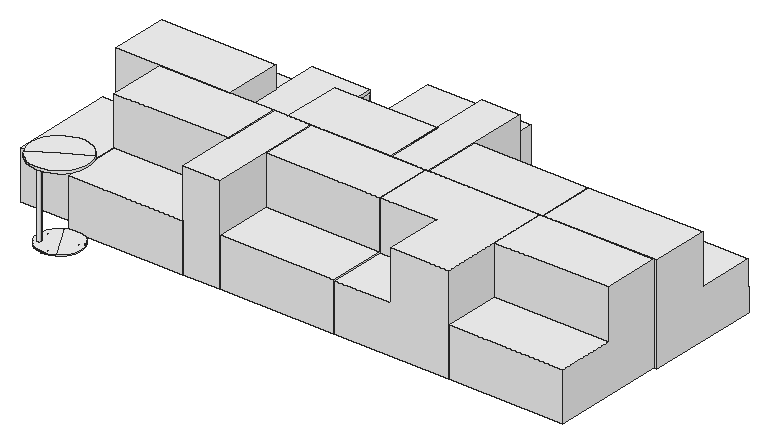
Revit family "COL-102", category Furniture, Revit 2017
Family settings
  OmniClass Number = 23.40.20.00
  OmniClass Title = General Furniture and Specialties
  Work Plane-Based = No
  Always vertical = Yes
  Cut with Voids When Loaded = No
  Shared = No
  Room Calculation Point = No
Reference planes (in)
  plane 1 "Center Front/Back": y = 0
  plane 2: z = 0
  plane 3 "Center Left/Right": x = 0
Dimensions and locks (in)
  aligned and locked: level to plane 2
Nested families (in)
  nested 1: "Allsteel - Rise - Laptop Table" at (-69.97003, -47.53024, 0) x (-0.5, 0.866, 0) z (0, 0, 1), type "Allsteel - Rise - Laptop Table"
    with Top Material Default Opaque Material, Base Material Default Opaque Material
  nested 2: "Allsteel - Rise - Seating - 2-Tier Rise" at (-48.4375, 0, 0) x (-1, 0, 0) z (0, 0, 1), type "Non Powered"
    with Upholstery Material Default Opaque Material
  nested 3: "Allsteel - Rise - Seating - 2-Tier Rise" at (101, 0, 0) x (-1, 0, 0) z (0, 0, 1), type "Non Powered"
    with Upholstery Material Default Opaque Material
  nested 4: "Allsteel - Rise - Seating - 2-Tier Rise" at (60, 0.00002, 0) x (1, 0, 0) z (0, 0, 1), type "Non Powered"
    with Upholstery Material Default Opaque Material
  nested 5: "Allsteel - Rise - Seating - 2-Tier Rise" at (-73, 0, 0) x (1, 0, 0) z (0, 0, 1), type "Non Powered"
    with Upholstery Material Default Opaque Material
  nested 6: "Allsteel - Rise - Seating - 2-Tier Rise" at (-20, 0, 0) x (1, 0, 0) z (0, 0, 1), type "Non Powered"
    with Upholstery Material Default Opaque Material
  nested 7: "Allsteel - Rise - Seating - 2-Tier Rise Corner" at (20, 0.00001, 0) x (1, 0, 0) z (0, 0, 1), type "Inside Corner"
    with Upholstery Material Default Opaque Material
  nested 8: "Allsteel - Rise - Seating - Chaise" at (8, 0, 0) x (-1, 0, 0) z (0, 0, 1), type "Non Powered"
    with Upholstery Material Default Opaque Material
  nested 9: "Allsteel - Rise - Seating - Half Ottoman" at (-92.99999, -36.00001, 0) x (0, 1, 0) z (0, 0, 1), type "Single Tone"
    with Upholstery Material Default Opaque Material
  nested 10: "Allsteel - Rise - Seating - Soft Wall" at (-33, 0.00001, 0) x (1, 0, 0) z (0, 0, 1), type "Single Tone"
    with Upholstery Material Default Opaque Material
  nested 11: "Allsteel - Rise - Arm Perch - Wood Top" at (-48.4375, 0, 0) x (0, 1, 0) z (0, 0, 1), type "Allsteel - Rise - Arm Perch - Wood Top"
    with Upholstery Material Default Opaque Material, Top Material Default Opaque Material
  nested 12: "Allsteel - Rise - Seating - Soft Wall" at (8, 39.875, 0), type "Single Tone"
    with Upholstery Material Default Opaque Material
  nested 13: "Allsteel - Rise - Seating - 2-Tier Rise" at (61, 0, 0) x (-1, 0, 0) z (0, 0, 1), type "Non Powered"
    with Upholstery Material Default Opaque Material
  nested 14: "Allsteel - Rise - Seating - Lumbar Pillow" at (24, 20.375, -0.125), type "Lumbar Pillow"
    with Upholstery Material Default Opaque Material
  nested 15: "Allsteel - Rise - Seating - Lumbar Pillow" at (8, 20.375, -0.125) x (-1, 0, 0) z (0, 0, 1), type "Lumbar Pillow"
    with Upholstery Material Default Opaque Material
Definition of nested family "Allsteel - Rise - Laptop Table"
  Parameters (values of type "Allsteel - Rise - Laptop Table")
    URL = "www.allsteeloffice.com"
    Base Material [instance] = none
    Model = "S911RLTB"
    Manufacturer = "Allsteel"  # constant formula
    Top Material [instance] = none
    Glide Material = none
    Description = "Allsteel - Rise - Laptop Table"
  Reference planes (in)
    plane 1 "Center (Front/Back)": y = 0
    plane 2: z = 0
    plane 3 "Center (Left/Right)": x = 0
  Forms (in)
    Revolve 1, solid, material <- "Base Material"
      sketch origin (0, 0, 0) x (1, 0, 0) y (0, 0, 1)
        loop
          line (0, 0.6175) -> (-7.5, 0.6175) -> (-7.5, 0.3675) -> (0, 0.3675) -> (0, 0.6175)
        axis (0, 0.6175) -> (0, 0.3675)
      angle from 0 to 360
    Revolve 2, solid, material <- "Top Material"
      sketch origin (0, 0, 0) x (0, 1, 0) y (0, 0, 1)
        loop
          line (0, 28.3695) -> (-10, 28.3695) -> (-10, 27.6175) -> (0, 27.6175) -> (0, 28.3695)
        axis (0, 28.3695) -> (0, 27.6175)
      angle from 0 to 360
    Revolve 3, solid, material <- "Base Material"
      sketch origin (0, 0, 0) x (0, 1, 0) y (0, 0, 1)
        loop
          line (5.6875, 0.6175) -> (5.6875, 27.6175) -> (3.42051, 27.6175) -> (3.42051, 27.3675) -> (5.03439, 27.3675) -> (5.03439, 0.6175) -> (5.6875, 0.6175)
        axis (5.6875, 27.6175) -> (5.6875, 0.6175)
      angle from 0 to 360
    Revolve 4, solid, material <- "Glide Material"
      sketch origin (0, 3.5, 0) x (1, 0, 0) y (0, 0, 1)
        loop
          line (5, 0.3675) -> (4, 0.3675) -> (4, 0.0737)
          arc (4, 0.0737) -> (4.02159, 0.02159) -> (4.0737, 0) r 0.0737
          line (4.0737, 0) -> (5, 0) -> (5, 0.3675)
        axis (5, 0.3675) -> (5, 0)
      angle from 0 to 360
    Revolve 5, solid, material <- "Glide Material"
      sketch origin (-10, 3.5, 0) x (1, 0, 0) y (0, 0, 1)
        loop
          line (5, 0.3675) -> (4, 0.3675) -> (4, 0.0737)
          arc (4, 0.0737) -> (4.02159, 0.02159) -> (4.0737, 0) r 0.0737
          line (4.0737, 0) -> (5, 0) -> (5, 0.3675)
        axis (5, 0.3675) -> (5, 0)
      angle from 0 to 360
    Revolve 6, solid, material <- "Glide Material"
      sketch origin (-5, -6, 0) x (1, 0, 0) y (0, 0, 1)
        loop
          line (5, 0.3675) -> (4, 0.3675) -> (4, 0.0737)
          arc (4, 0.0737) -> (4.02159, 0.02159) -> (4.0737, 0) r 0.0737
          line (4.0737, 0) -> (5, 0) -> (5, 0.3675)
        axis (5, 0.3675) -> (5, 0)
      angle from 0 to 360
Definition of nested family "Allsteel - Rise - Seating - 2-Tier Rise"
  Parameters (values of type "Non Powered")
    URL = "www.allsteeloffice.com"
    Upholstery Material [instance] = none
    Power Port = no
    Model = "S922S2"
    Manufacturer = "Allsteel"  # constant formula
    Electrical Panel Material = none
    Description = "Allsteel - Rise - 2-Tier Rise - Non Powered"
  Types (3): name | Power Port | Model | Description
    (no name) | no | "S922S2" | "Allsteel - Rise - 2-Tier Rise - Non Powered"
    Non Powered | no | "S922S2" | "Allsteel - Rise - 2-Tier Rise - Non Powered"
    Power Ready | yes | "S922S2P" | "Allsteel - Rise - 2-Tier Rise - Power Ready"
  Reference planes (in)
    plane 1 "Center (Front/Back)": y = 0
    plane 2: z = 0
    plane 3 "Center (Left/Right)": x = 0
  Forms (in)
    Extrusion 1, solid, material <- "Electrical Panel Material", visible <- "Power Port"
      sketch origin (0, 0, 0) x (1, 0, 0) y (0, 0, 1)
        loop
          line (37.25, 1.375) -> (37.25, 4.625) -> (30.875, 4.625) -> (30.875, 1.375) -> (37.25, 1.375)
      from 39.93332 to 40.05817
    Extrusion 2, solid, material <- "Electrical Panel Material", visible <- "Power Port"
      sketch origin (46.1786, -40.05817, -13.65429) x (0, 0, 1) y (-1, 0, 0)
        loop
          line (17.48828, 10.75) -> (15.92578, 10.75) -> (15.92578, 9.25) -> (17.48828, 9.25) -> (17.48828, 10.75)
        loop
          line (17.1411, 10.321) -> (16.76619, 10.321) -> (16.76619, 10.209) -> (17.1411, 10.209) -> (17.1411, 10.321)
        loop
          line (17.06301, 9.819) -> (16.7651, 9.819) -> (16.7651, 9.707) -> (17.06301, 9.707) -> (17.06301, 9.819)
        loop
          line (16.30582, 10.103) -> (16.30582, 9.897) -> (16.39533, 9.897) -> (16.49862, 10.00029) -> (16.39591, 10.103) -> (16.30582, 10.103)
        loop
          line (17.48828, 12.875) -> (15.92578, 12.875) -> (15.92578, 11.375) -> (17.48828, 11.375) -> (17.48828, 12.875)
        loop
          line (17.1411, 12.446) -> (16.76619, 12.446) -> (16.76619, 12.334) -> (17.1411, 12.334) -> (17.1411, 12.446)
        loop
          line (17.06301, 11.944) -> (16.7651, 11.944) -> (16.7651, 11.832) -> (17.06301, 11.832) -> (17.06301, 11.944)
        loop
          line (16.30582, 12.228) -> (16.30582, 12.022) -> (16.39533, 12.022) -> (16.49862, 12.12529) -> (16.39591, 12.228) -> (16.30582, 12.228)
        loop
          line (17.48828, 14.95929) -> (15.92578, 14.95929) -> (15.92578, 13.58429) -> (17.48828, 13.58429) -> (17.48828, 14.95929)
        loop
          line (17.25262, 14.75058) -> (16.15262, 14.75058) -> (16.15262, 13.77558) -> (17.25262, 13.77558) -> (17.25262, 14.75058)
      from 0 to 0.06701
  Nested families (in)
    nested 1: "Two Step - Single-Tone" at (0, 0, 0), Rise Upholstery <- "Upholstery Material", type "Two Step - Single-Tone"
      with Two-Tone Upholstery none, Rise Upholstery none
  Definition of nested family "Two Step - Single-Tone"
    Parameters
      Two-Tone Upholstery [instance] = none
      Rise Upholstery [instance] = none
      Height = 0' - 0"
      Assembly Code = ""
    Reference planes (in)
      plane 1 "Center (Front/Back)": y = 0
      plane 2: z = 0
      plane 3 "Center (Left/Right)": x = 0
      plane 4: x = 20
      plane 5 "stp 2": y = -20
      plane 6 "stp 1": y = -40
      plane 7: z = 33.84279
      plane 8: z = 16.85355
    Forms (in)
      Extrusion 1, solid, material <- "Rise Upholstery"
        sketch origin (0, -40, 0) x (0, 1, 0) y (0, 0, 1)
          loop
            line (40, 0) -> (40, 33.98923) -> (20, 33.98923) -> (20, 17) -> (0, 17) -> (0, 0) -> (40, 0)
        from 0 to 40
    Dimensions and locks (in)
      aligned and locked: plane 6 "stp 1" to Extrusion 1
      aligned and locked: plane 5 "stp 2" to Extrusion 1
Definition of nested family "Allsteel - Rise - Seating - 2-Tier Rise Corner"
  Parameters (values of type "Inside Corner")
    URL = "www.allsteeloffice.com"
    Upholstery Material [instance] = none
    Rise Configuration = Inside Corner - Single-Tone : Inside Corner - Single-Tone
    Model = "S922S2IC"
    Manufacturer = "Allsteel"  # constant formula
    Description = "Allsteel - Rise - 2-Tier Rise - Inside Corner"
  Types (3): name | Rise Configuration | Model | Description
    (no name) | Inside Corner - Single-Tone : Inside Corner - Single-Tone | "S922S2IC" | "Allsteel - Rise - 2-Tier Rise - Inside Corner"
    Inside Corner | Inside Corner - Single-Tone : Inside Corner - Single-Tone | "S922S2IC" | "Allsteel - Rise - 2-Tier Rise - Inside Corner"
    Outside Corner | Outside Corner - Single-Tone : Outside Corner - Single-Tone | "S922S2OC" | "Allsteel - Rise - 2-Tier Rise - Outside Corner"
  Reference planes (in)
    plane 1 "Center (Front/Back)": y = 0
    plane 2: z = 0
    plane 3 "Center (Left/Right)": x = 0
  Nested families (in)
    nested 1: "Inside Corner - Single-Tone" at (0, 0, 0), type <- "Rise Configuration", Rise Upholstery <- "Upholstery Material", type "Inside Corner - Single-Tone"
      with Two-Tone Upholstery none, Rise Upholstery none
  Definition of nested family "Inside Corner - Single-Tone"
    Parameters
      Two-Tone Upholstery [instance] = none
      Rise Upholstery [instance] = none
      Rise Configuration = Two Step - Two-Tone : Two Step - Two-Tone
      Height = 0' - 0"
      Assembly Code = ""
    Reference planes (in)
      plane 1 "Center (Front/Back)": y = 0
      plane 2: z = 0
      plane 3 "Center (Left/Right)": x = 0
      plane 4: x = 20
      plane 5 "stp 2": y = 0.64229
      plane 6 "stp 1": y = -20
      plane 7: z = 33.48923
      plane 8: z = 16.5
    Forms (in)
      Extrusion 1, solid, material <- "Rise Upholstery"
        sketch origin (0, -40, 0) x (0, 1, 0) y (0, 0, 1)
          loop
            line (40, 0) -> (40, 33.98937) -> (0, 33.98937) -> (0, 0) -> (40, 0)
        from 0 to 40
      Extrusion 2, void
        sketch origin (0, 0, 0) x (0, 1, 0) y (0, 0, 1)
          loop
            line (-20, 33.98937) -> (-40, 33.98937) -> (-40, 16.74469) -> (-20, 16.74469) -> (-20, 33.98937)
        from 0 to 20
    Cuts and joins
      Extrusion 2 cuts Extrusion 1
    Lines and regions (in)
      reference lines
        curve 1: line (36, -40, 0) -> (40, -40, 0)
        curve 2: line (40, -40, 0) -> (40, -46, 0)
Definition of nested family "Allsteel - Rise - Seating - Chaise"
  Parameters (values of type "Non Powered")
    URL = "www.allsteeloffice.com"
    Upholstery Material [instance] = none
    Power Port = no
    Model = "S922S2LN"
    Manufacturer = "Allsteel"  # constant formula
    Electrical Panel = none
    Description = "Allsteel - Rise - Single Tone Chaise - Non Powered"
  Types (3): name | Power Port | Model | Description
    (no name) | no | "S922S2LN" | "Allsteel - Rise - Single Tone Chaise - Non Powered"
    Non Powered | no | "S922S2LN" | "Allsteel - Rise - Single Tone Chaise - Non Powered"
    Powered | yes | "S922S2LP" | "Allsteel - Rise - Single Tone Chaise - Powered"
  Reference planes (in)
    plane 1 "Center (Front/Back)": y = 0
    plane 2: z = 0
    plane 3 "Center (Left/Right)": x = 0
  Forms (in)
    Extrusion 1, solid, material <- "Electrical Panel", visible <- "Power Port"
      sketch origin (-4.57153, -20.9794, 0.28572) x (1, 0, 0) y (0, 0, 1)
        loop
          line (37.25, 1.375) -> (37.25, 4.625) -> (30.875, 4.625) -> (30.875, 1.375) -> (37.25, 1.375)
      from 39.93332 to 40.05817
    Extrusion 2, solid, material <- "Electrical Panel", visible <- "Power Port"
      sketch origin (41.60707, -61.03757, -13.36857) x (0, 0, 1) y (-1, 0, 0)
        loop
          line (17.48828, 10.75) -> (15.92578, 10.75) -> (15.92578, 9.25) -> (17.48828, 9.25) -> (17.48828, 10.75)
        loop
          line (17.1411, 10.321) -> (16.76619, 10.321) -> (16.76619, 10.209) -> (17.1411, 10.209) -> (17.1411, 10.321)
        loop
          line (17.06301, 9.819) -> (16.7651, 9.819) -> (16.7651, 9.707) -> (17.06301, 9.707) -> (17.06301, 9.819)
        loop
          line (16.30582, 10.103) -> (16.30582, 9.897) -> (16.39533, 9.897) -> (16.49862, 10.00029) -> (16.39591, 10.103) -> (16.30582, 10.103)
        loop
          line (17.48828, 12.875) -> (15.92578, 12.875) -> (15.92578, 11.375) -> (17.48828, 11.375) -> (17.48828, 12.875)
        loop
          line (17.1411, 12.446) -> (16.76619, 12.446) -> (16.76619, 12.334) -> (17.1411, 12.334) -> (17.1411, 12.446)
        loop
          line (17.06301, 11.944) -> (16.7651, 11.944) -> (16.7651, 11.832) -> (17.06301, 11.832) -> (17.06301, 11.944)
        loop
          line (16.30582, 12.228) -> (16.30582, 12.022) -> (16.39533, 12.022) -> (16.49862, 12.12529) -> (16.39591, 12.228) -> (16.30582, 12.228)
        loop
          line (17.48828, 14.95929) -> (15.92578, 14.95929) -> (15.92578, 13.58429) -> (17.48828, 13.58429) -> (17.48828, 14.95929)
        loop
          line (17.25262, 14.75058) -> (16.15262, 14.75058) -> (16.15262, 13.77558) -> (17.25262, 13.77558) -> (17.25262, 14.75058)
      from 0 to 0.06701
  Nested families (in)
    nested 1: "Two Step - Single-Tone" at (0, 0, 0), Rise Upholstery <- "Upholstery Material", type "Two Step - Single-Tone"
      with Two-Tone Upholstery none, Rise Upholstery none
  Definition of nested family "Two Step - Single-Tone"
    Parameters (values of type "Two Step - Single-Tone")
      Two-Tone Upholstery [instance] = none
      Rise Upholstery [instance] = none
      Height = 0' - 0"
      Assembly Code = ""
    Reference planes (in)
      plane 1 "Center (Front/Back)": y = 0
      plane 2: z = 0
      plane 3 "Center (Left/Right)": x = 0
      plane 4 "stp 2": y = -20.25
      plane 5 "stp 1": y = -60.97975
      plane 6: z = 33.84279
      plane 7: z = 16.85355
    Forms (in)
      Extrusion 1, solid, material <- "Rise Upholstery"
        sketch origin (0, -40, 0) x (0, 1, 0) y (0, 0, 1)
          loop
            line (40, 0) -> (40, 33.98923) -> (19.75, 33.98923) -> (19.75, 17) -> (-20.97975, 17) -> (-20.97975, 0) -> (40, 0)
        from 0 to 36
    Dimensions and locks (in)
      aligned and locked: plane 5 "stp 1" to Extrusion 1
      aligned and locked: plane 4 "stp 2" to Extrusion 1
Definition of nested family "Allsteel - Rise - Seating - Half Ottoman"
  Parameters (values of type "Single Tone")
    URL = "www.allsteeloffice.com"
    Upholstery Material [instance] = none
    Model = "S922SHON"
    Manufacturer = "Allsteel"  # constant formula
    Description = "Allsteel - Rise - Half Ottoman - Single Tone - Non Powered"
  Reference planes (in)
    plane 1 "Center (Front/Back)": y = 0
    plane 2: z = 0
    plane 3 "Center (Left/Right)": x = 0
  Nested families (in)
    nested 1: "Single-Tone" at (0, 0, 0), Rise Upholstery <- "Upholstery Material", type "Single-Tone"
      with Two-Tone Upholstery none, Rise Upholstery none
  Definition of nested family "Single-Tone"
    Parameters (values of type "Two Step - Single-Tone")
      Two-Tone Upholstery [instance] = none
      Rise Upholstery [instance] = none
      Height = 0' - 0"
      Assembly Code = ""
    Reference planes (in)
      plane 1 "Center (Front/Back)": y = 0
      plane 2: z = 0
      plane 3 "Center (Left/Right)": x = 0
      plane 4: x = 20
      plane 5 "stp 1": y = -20
    Forms (in)
      Extrusion 1, solid, material <- "Rise Upholstery"
        sketch origin (0, -40, 0) x (0, 1, 0) y (0, 0, 1)
          loop
            line (40, 0) -> (40, 17) -> (20, 17) -> (20, 0) -> (40, 0)
        from 0 to 36
Definition of nested family "Allsteel - Rise - Seating - Soft Wall"
  Parameters (values of type "Single Tone")
    URL = "www.allsteeloffice.com"
    Upholstery Material [instance] = none
    Model = "S922SWN"
    Manufacturer = "Allsteel"  # constant formula
    Description = "Allsteel - Rise - Soft Wall - Single Tone - Non Powered"
  Types (3): name | Model | Description
    (no name) | "S922SWN" | "Allsteel - Rise - Soft Wall - Single Tone - Non Powered"
    Two-Tone | "S922SWTN" | "Allsteel - Rise - Soft Wall - Two-Tone - Non Powered"
    Single Tone | "S922SWN" | "Allsteel - Rise - Soft Wall - Single Tone - Non Powered"
  Reference planes (in)
    plane 1 "Center (Front/Back)": y = 0
    plane 2: z = 0
    plane 3 "Center (Left/Right)": x = 0
  Nested families (in)
    nested 1: "Single-Tone" at (0, 0, 0), Rise Upholstery <- "Upholstery Material", type "Single-Tone"
      with Two-Tone Upholstery none, Rise Upholstery none
  Definition of nested family "Single-Tone"
    Parameters (values of type "Single-Tone")
      Two-Tone Upholstery [instance] = none
      Rise Upholstery [instance] = none
      Height = 0' - 0"
      Assembly Code = ""
    Reference planes (in)
      plane 1 "Center (Front/Back)": y = 0
      plane 2: z = 0
      plane 3 "Center (Left/Right)": x = 0
      plane 4: x = 20
      plane 5 "stp 1": y = -20
    Forms (in)
      Extrusion 1, solid, material <- "Rise Upholstery"
        sketch origin (0, -40, 0) x (0, 1, 0) y (0, 0, 1)
          loop
            line (40, 0) -> (40, 34) -> (0.125, 34) -> (0.125, 0) -> (40, 0)
        from 0 to 13
Definition of nested family "Allsteel - Rise - Arm Perch - Wood Top"
  Parameters (values of type "Allsteel - Rise - Arm Perch - Wood Top")
    Upholstery Material [instance] = none
    URL = "www.allsteeloffice.com"
    Top Material [instance] = none
    Model = "S922SAWN"
    Manufacturer = "Allsteel"  # constant formula
    Glide Material = none
    Description = "Allsteel - Rise - Arm Perch - Wood Top - Non-Powered"
  Reference planes (in)
    plane 1 "Center Front/Back": y = 0
    plane 2: z = 0
    plane 3 "Center Left/Right": x = 0
  Dimensions and locks (in)
    aligned and locked: level to plane 2
  Nested families (in)
    nested 1: "Glide" at (2.5, -17.926, 0), Material <- "Glide Material", type "Glide"
      with Material none
    nested 2: "Glide" at (33.4375, -17.926, 0) x (-1, 0, 0) z (0, 0, 1), Material <- "Glide Material", type "Glide"
      with Material none
    nested 3: "Glide" at (2.5, -2.5115, 0), Material <- "Glide Material", type "Glide"
      with Material none
    nested 4: "Glide" at (33.4375, -2.5115, 0) x (-1, 0, 0) z (0, 0, 1), Material <- "Glide Material", type "Glide"
      with Material none
    nested 5: "Upholstery" at (0, 0, 0.43), Material <- "Upholstery Material", type "Upholstery"
      with Material none, Height 2' - 1"
    nested 6: "Wood Top" at (0, 0, 25.43), Material <- "Top Material", type "Wood Top"
      with Material none
  Definition of nested family "Glide"
    Parameters (values of type "Glide")
      Material [instance] = none
    Reference planes (in)
      plane 1 "Center (Front/Back)": y = 0
      plane 2: z = 0
      plane 3 "Center (Left/Right)": x = 0
      plane 4: z = 0.43
    Forms (in)
      Revolve 1, solid, material <- "Material"
        sketch origin (-2.5, 0, 0) x (1, 0, 0) y (0, 0, 1)
          loop
            line (2.5, 2.785) -> (2.5, 0) -> (3.16863, 0)
            arc (3.16863, 0) -> (3.20886, 0.01681) -> (3.22516, 0.05725) r 0.05653
            arc (3.22516, 0.05725) -> (3.19555, 0.16365) -> (3.11721, 0.2415) r 0.21594
            line (3.11721, 0.2415) -> (2.79071, 0.43) -> (2.65727, 0.43) -> (2.65727, 2.785) -> (2.5, 2.785)
          axis (2.5, 2.785) -> (2.5, 0)
        angle from 0 to 360
    Dimensions and locks (in)
      aligned and locked: plane 2 to level
  Definition of nested family "Upholstery"
    Parameters (values of type "Upholstery")
      Material [instance] = none
      Height [instance] = 1' - 4.291"
      Default Elevation = 4' - 0"
    Reference planes (in)
      plane 1 "Center F/B": y = 0
      plane 2: z = 0
      plane 3 "Center L/R": x = 0
      plane 4: z = 16.291
    Forms (in)
      Extrusion 1, solid, material <- "Material"
        sketch origin (0, 0, -0.43) x (1, 0, 0) y (0, 1, 0)
          loop
            arc (0.25, 0) -> (0.07322, -0.07322) -> (0, -0.25) r 0.25
            line (0, -0.25) -> (0, -20.1875)
            arc (0, -20.1875) -> (0.07322, -20.36428) -> (0.25, -20.4375) r 0.25
            line (0.25, -20.4375) -> (35.6875, -20.4375)
            arc (35.6875, -20.4375) -> (35.86428, -20.36428) -> (35.9375, -20.1875) r 0.25
            line (35.9375, -20.1875) -> (35.9375, -0.25)
            arc (35.9375, -0.25) -> (35.86428, -0.07322) -> (35.6875, 0) r 0.25
            line (35.6875, 0) -> (0.25, 0)
        from 0.43 to 16.721
    Dimensions and locks (in)
      "Height": plane 4 to plane 2
      aligned and locked: level to plane 2
      aligned and locked: Extrusion 1 to plane 4
      aligned and locked: Extrusion 1 to plane 2
    Automatic sketch dimensions
      Extrusion 1 sketch curve to plane 3 "Center L/R" = 0' - 0"
      plane 1 "Center F/B" to Extrusion 1 sketch curve = 0' - 0"
      plane 3 "Center L/R" to Extrusion 1 sketch curve = 0' - 0 1/4"  (x2)
      Extrusion 1 sketch curve to Extrusion 1 sketch curve = 2' - 11 7/16"
      Extrusion 1 sketch curve to Extrusion 1 sketch curve = 0' - 0"
      plane 1 "Center F/B" to Extrusion 1 sketch curve = 0' - 0 1/4"
      Extrusion 1 sketch curve to Extrusion 1 sketch curve = 1' - 7 15/16"
  Definition of nested family "Wood Top"
    Parameters (values of type "Wood Top")
      Material [instance] = none
      Default Elevation = 4' - 0"
    Reference planes (in)
      plane 1 "Center F/B": y = 0
      plane 2: z = 0
      plane 3 "Center L/R": x = 0
    Forms (in)
      Extrusion 1, solid, material <- "Material"
        sketch origin (0, 0, -16.721) x (1, 0, 0) y (0, 1, 0)
          loop
            arc (0.25, 0) -> (0.07322, -0.07322) -> (0, -0.25) r 0.25
            line (0, -0.25) -> (0, -20.1875)
            arc (0, -20.1875) -> (0.07322, -20.36428) -> (0.25, -20.4375) r 0.25
            line (0.25, -20.4375) -> (35.6875, -20.4375)
            arc (35.6875, -20.4375) -> (35.86428, -20.36428) -> (35.9375, -20.1875) r 0.25
            line (35.9375, -20.1875) -> (35.9375, -0.25)
            arc (35.9375, -0.25) -> (35.86428, -0.07322) -> (35.6875, 0) r 0.25
            line (35.6875, 0) -> (0.25, 0)
        from 16.721 to 17.666
    Dimensions and locks (in)
      aligned and locked: level to plane 2
Definition of nested family "Allsteel - Rise - Seating - Lumbar Pillow"
  Parameters (values of type "Lumbar Pillow")
    URL = "www.allsteeloffice.com"
    Upholstery Material [instance] = none
    Model = "S922LPN"
    Manufacturer = "Allsteel"  # constant formula
    Description = "Allsteel - Rise - Lumbar Pillow - Non Powered"
  Reference planes (in)
    plane 1 "Center (Front/Back)": y = 0
    plane 2: z = 0
    plane 3 "Center (Left/Right)": x = 0
  Nested families (in)
    nested 1: "Single-Tone" at (0, 0, 0), Rise Upholstery <- "Upholstery Material", type "Single-Tone"
      with Two-Tone Upholstery none, Rise Upholstery none
  Definition of nested family "Single-Tone"
    Parameters (values of type "Single-Tone")
      Two-Tone Upholstery [instance] = none
      Rise Upholstery [instance] = none
      Height = 0' - 0"
      Assembly Code = ""
    Reference planes (in)
      plane 1 "Center (Front/Back)": y = 0
      plane 2: z = 0
      plane 3 "Center (Left/Right)": x = 0
      plane 4 "stp 1": y = -20
    Forms (in)
      Extrusion 1, solid, material <- "Rise Upholstery"
        sketch origin (0, -40, 0) x (0, 1, 0) y (0, 0, 1)
          loop
            arc (39.5, 17.125) -> (39.85355, 17.27145) -> (40, 17.625) r 0.5
            line (40, 17.625) -> (40, 27.90766)
            arc (40, 27.90766) -> (39.58467, 28.40044) -> (39.02868, 28.07456) r 0.5
            line (39.02868, 28.07456) -> (35.3874, 17.7919)
            arc (35.3874, 17.7919) -> (35.4504, 17.33643) -> (35.85872, 17.125) r 0.5
            line (35.85872, 17.125) -> (39.5, 17.125)
        from 0 to 36
